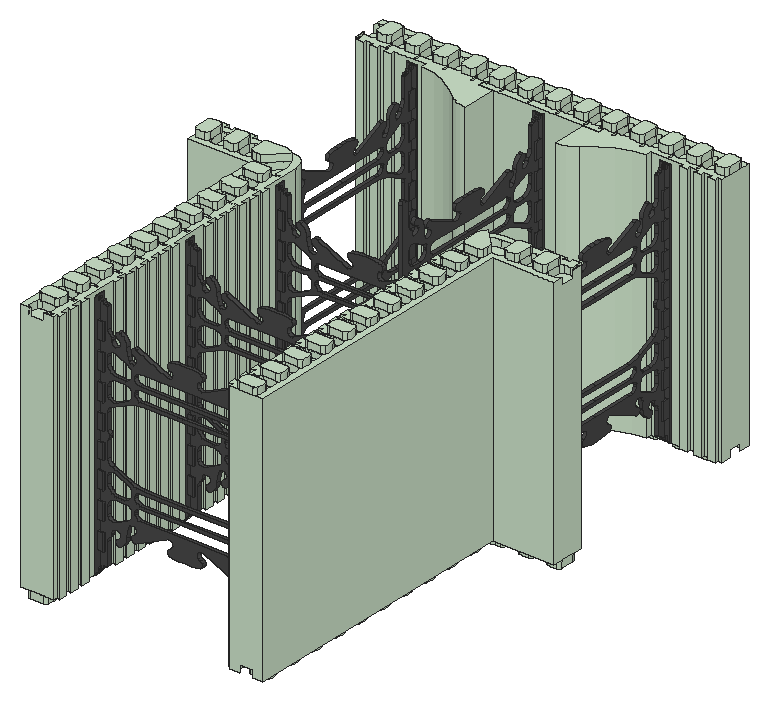
Revit family
Reference planes (in)
  plane 1 "Center (Front/Back)": y = -3
  plane 2: z = 0
  plane 3 "Center (Left/Right)": x = 3
  plane 4: y = 3
  plane 5: y = -9
  plane 6: x = 9
  plane 7: x = -3
  plane 8: z = 18
Forms (in)
  Extrusion 1, solid, material "NUDURA Expanded Polystyrene Foam Insulation"
    sketch origin (0, 0, 0) x (1, 0, 0) y (0, 1, 0)
      loop
        line (-10, 5.625) -> (-10, 3.25) -> (-9.71883, 3.25) -> (-9.78117, 3) -> (-9.21883, 3) -> (-9.28117, 3.25) -> (-8.71883, 3.25) -> (-8.78117, 3) -> (-8.21883, 3) -> (-8.28117, 3.25) -> (-7.71883, 3.25) -> (-7.78117, 3) -> (-7.21883, 3) -> (-7.28117, 3.25) -> (-5, 3.25) -> (-5, 2.875)
        arc (-5, 2.875) -> (-3.12304, 2.37468) -> (-1.50918, 1.29358) r 5.91797
        arc (-1.50918, 1.29358) -> (-0.91296, 0.90605) -> (-0.21883, 0.75162) r 2
        line (-0.21883, 0.75162) -> (-0.21883, 3.25) -> (-1.25, 3.25) -> (-1.25, 3.69867) -> (-1, 3.63633) -> (-1, 4.24332) -> (-1.25, 4.17633) -> (-1.25, 4.69867) -> (-1, 4.63633) -> (-1, 5.24332) -> (-1.25, 5.17633) -> (-1.25, 5.625) -> (-10, 5.625)
      loop
        line (16, 3.25) -> (16, 5.625) -> (7.25, 5.625) -> (7.25, 5.17633) -> (7, 5.24332) -> (7, 4.63633) -> (7.25, 4.69867) -> (7.25, 4.17633) -> (7, 4.24332) -> (7, 3.63633) -> (7.25, 3.69867) -> (7.25, 3.25) -> (6.21883, 3.25) -> (6.21883, 0.75162)
        arc (6.21883, 0.75162) -> (6.91296, 0.90605) -> (7.50918, 1.29358) r 2
        arc (7.50918, 1.29358) -> (9.12304, 2.37468) -> (11, 2.875) r 5.91797
        line (11, 2.875) -> (11, 3.25) -> (13.28117, 3.25) -> (13.21883, 3) -> (13.78117, 3) -> (13.71883, 3.25) -> (14.28117, 3.25) -> (14.21883, 3) -> (14.78117, 3) -> (14.71883, 3.25) -> (15.28117, 3.25) -> (15.21883, 3) -> (15.78117, 3) -> (15.71883, 3.25) -> (16, 3.25)
      loop
        line (-3.25, -31.99998) -> (-3.25, -31.71882) -> (-3, -31.78115) -> (-3, -31.21882) -> (-3.25, -31.28115) -> (-3.25, -30.71882) -> (-3, -30.78115) -> (-3, -30.21882) -> (-3.25, -30.28115) -> (-3.25, -29.71882) -> (-3, -29.78115) -> (-3, -29.21882) -> (-3.25, -29.28115) -> (-3.25, -26.71882) -> (-3, -26.78115) -> (-3, -26.21882) -> (-3.25, -26.28115) -> (-3.25, -25.71882) -> (-3, -25.78115) -> (-3, -25.21882) -> (-3.25, -25.28115) -> (-3.25, -24.71882) -> (-3, -24.78115) -> (-3, -24.21882) -> (-3.25, -24.28115) -> (-3.25, -23.71882) -> (-3, -23.78115) -> (-3, -23.21882) -> (-3.25, -23.28115) -> (-3.25, -22.71882) -> (-3, -22.78115) -> (-3, -22.21882) -> (-3.25, -22.28115) -> (-3.25, -21.71882) -> (-3, -21.78115) -> (-3, -21.21882) -> (-3.25, -21.28115) -> (-3.25, -18.71882) -> (-3, -18.78115) -> (-3, -18.21882) -> (-3.25, -18.28115) -> (-3.25, -17.71882) -> (-3, -17.78115) -> (-3, -17.21882) -> (-3.25, -17.28115) -> (-3.25, -16.71882) -> (-3, -16.78115) -> (-3, -16.21882) -> (-3.25, -16.28115) -> (-3.25, -15.71882) -> (-3, -15.78115) -> (-3, -15.21882) -> (-3.25, -15.28115) -> (-3.25, -14.71882) -> (-3, -14.78115) -> (-3, -14.21882) -> (-3.25, -14.28115) -> (-3.25, -13.71882) -> (-3, -13.78115) -> (-3, -13.21882) -> (-3.25, -13.28115) -> (-3.25, -10.49998)
        arc (-3.25, -10.49998) -> (-3.61612, -9.6161) -> (-4.5, -9.24998) r 1.25
        line (-4.5, -9.24998) -> (-7.28117, -9.24998) -> (-7.21883, -8.99998) -> (-7.78117, -8.99998) -> (-7.71883, -9.24998) -> (-8.28117, -9.24998) -> (-8.21883, -8.99998) -> (-8.78117, -8.99998) -> (-8.71883, -9.24998) -> (-9.28117, -9.24998) -> (-9.21883, -8.99998) -> (-9.78117, -8.99998) -> (-9.71883, -9.24998) -> (-10, -9.24998) -> (-10, -11.62498) -> (-5.625, -11.62498) -> (-5.625, -31.99998) -> (-3.25, -31.99998)
      loop
        line (9.25, -31.99998) -> (11.625, -31.99998) -> (11.625, -11.62498) -> (16, -11.62498) -> (16, -9.24998) -> (15.71883, -9.24998) -> (15.78117, -8.99998) -> (15.21883, -8.99998) -> (15.28117, -9.24998) -> (14.71883, -9.24998) -> (14.78117, -8.99998) -> (14.21883, -8.99998) -> (14.28117, -9.24998) -> (13.71883, -9.24998) -> (13.78117, -8.99998) -> (13.21883, -8.99998) -> (13.28117, -9.24998) -> (10.5, -9.24998)
        arc (10.5, -9.24998) -> (9.61612, -9.6161) -> (9.25, -10.49998) r 1.25
        line (9.25, -10.49998) -> (9.25, -13.28115) -> (9, -13.21882) -> (9, -13.78115) -> (9.25, -13.71882) -> (9.25, -14.28115) -> (9, -14.21882) -> (9, -14.78115) -> (9.25, -14.71882) -> (9.25, -15.28115) -> (9, -15.21882) -> (9, -15.78115) -> (9.25, -15.71882) -> (9.25, -16.28115) -> (9, -16.21882) -> (9, -16.78115) -> (9.25, -16.71882) -> (9.25, -17.28115) -> (9, -17.21882) -> (9, -17.78115) -> (9.25, -17.71882) -> (9.25, -18.28115) -> (9, -18.21882) -> (9, -18.78115) -> (9.25, -18.71882) -> (9.25, -21.28115) -> (9, -21.21882) -> (9, -21.78115) -> (9.25, -21.71882) -> (9.25, -22.28115) -> (9, -22.21882) -> (9, -22.78115) -> (9.25, -22.71882) -> (9.25, -23.28115) -> (9, -23.21882) -> (9, -23.78115) -> (9.25, -23.71882) -> (9.25, -24.28115) -> (9, -24.21882) -> (9, -24.78115) -> (9.25, -24.71882) -> (9.25, -25.28115) -> (9, -25.21882) -> (9, -25.78115) -> (9.25, -25.71882) -> (9.25, -26.28115) -> (9, -26.21882) -> (9, -26.78115) -> (9.25, -26.71882) -> (9.25, -29.28115) -> (9, -29.21882) -> (9, -29.78115) -> (9.25, -29.71882) -> (9.25, -30.28115) -> (9, -30.21882) -> (9, -30.78115) -> (9.25, -30.71882) -> (9.25, -31.28115) -> (9, -31.21882) -> (9, -31.78115) -> (9.25, -31.71882) -> (9.25, -31.99998)
    from 0 to 18
  Extrusion 2, void
    sketch origin (0, -6, 0) x (1, 0, 0) y (0, 1, 0)
      loop
        arc (-5.13595, -25.17306) -> (-5.1875, -25.49998) -> (-5.13595, -25.8269) r 1.0625
        arc (-5.13595, -25.8269) -> (-5.04517, -25.95213) -> (-4.89808, -25.99998) r 0.25
        line (-4.89808, -25.99998) -> (-3.97692, -25.99998)
        arc (-3.97692, -25.99998) -> (-3.88568, -25.98274) -> (-3.80702, -25.93338) r 0.25
        arc (-3.80702, -25.93338) -> (-3.78736, -25.92104) -> (-3.76455, -25.91673) r 0.0625
        line (-3.76455, -25.91673) -> (-3.41845, -25.91673) -> (-3.41845, -25.7459) -> (-3.64005, -25.7459)
        arc (-3.64005, -25.7459) -> (-3.68771, -25.72383) -> (-3.70172, -25.67321) r 0.0625
        arc (-3.70172, -25.67321) -> (-3.69045, -25.4209) -> (-3.73905, -25.17306) r 1.0625
        arc (-3.73905, -25.17306) -> (-3.82983, -25.04783) -> (-3.97692, -24.99998) r 0.25
        line (-3.97692, -24.99998) -> (-4.89808, -24.99998)
        arc (-4.89808, -24.99998) -> (-5.04517, -25.04783) -> (-5.13595, -25.17306) r 0.25
    from 18 to 17.5
  Extrusion 3, void
    sketch origin (0, -4, 0) x (1, 0, 0) y (0, 1, 0)
      loop
        arc (-5.13595, -25.17306) -> (-5.1875, -25.49998) -> (-5.13595, -25.8269) r 1.0625
        arc (-5.13595, -25.8269) -> (-5.04517, -25.95213) -> (-4.89808, -25.99998) r 0.25
        line (-4.89808, -25.99998) -> (-3.97692, -25.99998)
        arc (-3.97692, -25.99998) -> (-3.88568, -25.98274) -> (-3.80702, -25.93338) r 0.25
        arc (-3.80702, -25.93338) -> (-3.78736, -25.92104) -> (-3.76455, -25.91673) r 0.0625
        line (-3.76455, -25.91673) -> (-3.41845, -25.91673) -> (-3.41845, -25.7459) -> (-3.64005, -25.7459)
        arc (-3.64005, -25.7459) -> (-3.68771, -25.72383) -> (-3.70172, -25.67321) r 0.0625
        arc (-3.70172, -25.67321) -> (-3.69045, -25.4209) -> (-3.73905, -25.17306) r 1.0625
        arc (-3.73905, -25.17306) -> (-3.82983, -25.04783) -> (-3.97692, -24.99998) r 0.25
        line (-3.97692, -24.99998) -> (-4.89808, -24.99998)
        arc (-4.89808, -24.99998) -> (-5.04517, -25.04783) -> (-5.13595, -25.17306) r 0.25
    from 18 to 17.5
  Extrusion 4, void
    sketch origin (0, -2, 0) x (1, 0, 0) y (0, 1, 0)
      loop
        arc (-5.13595, -25.17306) -> (-5.1875, -25.49998) -> (-5.13595, -25.8269) r 1.0625
        arc (-5.13595, -25.8269) -> (-5.04517, -25.95213) -> (-4.89808, -25.99998) r 0.25
        line (-4.89808, -25.99998) -> (-3.97692, -25.99998)
        arc (-3.97692, -25.99998) -> (-3.88568, -25.98274) -> (-3.80702, -25.93338) r 0.25
        arc (-3.80702, -25.93338) -> (-3.78736, -25.92104) -> (-3.76455, -25.91673) r 0.0625
        line (-3.76455, -25.91673) -> (-3.41845, -25.91673) -> (-3.41845, -25.7459) -> (-3.64005, -25.7459)
        arc (-3.64005, -25.7459) -> (-3.68771, -25.72383) -> (-3.70172, -25.67321) r 0.0625
        arc (-3.70172, -25.67321) -> (-3.69045, -25.4209) -> (-3.73905, -25.17306) r 1.0625
        arc (-3.73905, -25.17306) -> (-3.82983, -25.04783) -> (-3.97692, -24.99998) r 0.25
        line (-3.97692, -24.99998) -> (-4.89808, -24.99998)
        arc (-4.89808, -24.99998) -> (-5.04517, -25.04783) -> (-5.13595, -25.17306) r 0.25
    from 18 to 17.5
  Extrusion 5, void
    sketch origin (0, 0, 0) x (1, 0, 0) y (0, 1, 0)
      loop
        arc (-5.13595, -25.17306) -> (-5.1875, -25.49998) -> (-5.13595, -25.8269) r 1.0625
        arc (-5.13595, -25.8269) -> (-5.04517, -25.95213) -> (-4.89808, -25.99998) r 0.25
        line (-4.89808, -25.99998) -> (-3.97692, -25.99998)
        arc (-3.97692, -25.99998) -> (-3.88568, -25.98274) -> (-3.80702, -25.93338) r 0.25
        arc (-3.80702, -25.93338) -> (-3.78736, -25.92104) -> (-3.76455, -25.91673) r 0.0625
        line (-3.76455, -25.91673) -> (-3.41845, -25.91673) -> (-3.41845, -25.7459) -> (-3.64005, -25.7459)
        arc (-3.64005, -25.7459) -> (-3.68771, -25.72383) -> (-3.70172, -25.67321) r 0.0625
        arc (-3.70172, -25.67321) -> (-3.69045, -25.4209) -> (-3.73905, -25.17306) r 1.0625
        arc (-3.73905, -25.17306) -> (-3.82983, -25.04783) -> (-3.97692, -24.99998) r 0.25
        line (-3.97692, -24.99998) -> (-4.89808, -24.99998)
        arc (-4.89808, -24.99998) -> (-5.04517, -25.04783) -> (-5.13595, -25.17306) r 0.25
    from 18 to 17.5
  Extrusion 6, void
    sketch origin (0, 2, 0) x (1, 0, 0) y (0, 1, 0)
      loop
        arc (-5.13595, -25.17306) -> (-5.1875, -25.49998) -> (-5.13595, -25.8269) r 1.0625
        arc (-5.13595, -25.8269) -> (-5.04517, -25.95213) -> (-4.89808, -25.99998) r 0.25
        line (-4.89808, -25.99998) -> (-3.97692, -25.99998)
        arc (-3.97692, -25.99998) -> (-3.88568, -25.98274) -> (-3.80702, -25.93338) r 0.25
        arc (-3.80702, -25.93338) -> (-3.78736, -25.92104) -> (-3.76455, -25.91673) r 0.0625
        line (-3.76455, -25.91673) -> (-3.41845, -25.91673) -> (-3.41845, -25.7459) -> (-3.64005, -25.7459)
        arc (-3.64005, -25.7459) -> (-3.68771, -25.72383) -> (-3.70172, -25.67321) r 0.0625
        arc (-3.70172, -25.67321) -> (-3.69045, -25.4209) -> (-3.73905, -25.17306) r 1.0625
        arc (-3.73905, -25.17306) -> (-3.82983, -25.04783) -> (-3.97692, -24.99998) r 0.25
        line (-3.97692, -24.99998) -> (-4.89808, -24.99998)
        arc (-4.89808, -24.99998) -> (-5.04517, -25.04783) -> (-5.13595, -25.17306) r 0.25
    from 18 to 17.5
  Extrusion 7, void
    sketch origin (0, 4, 0) x (1, 0, 0) y (0, 1, 0)
      loop
        arc (-5.13595, -25.17306) -> (-5.1875, -25.49998) -> (-5.13595, -25.8269) r 1.0625
        arc (-5.13595, -25.8269) -> (-5.04517, -25.95213) -> (-4.89808, -25.99998) r 0.25
        line (-4.89808, -25.99998) -> (-3.97692, -25.99998)
        arc (-3.97692, -25.99998) -> (-3.88568, -25.98274) -> (-3.80702, -25.93338) r 0.25
        arc (-3.80702, -25.93338) -> (-3.78736, -25.92104) -> (-3.76455, -25.91673) r 0.0625
        line (-3.76455, -25.91673) -> (-3.41845, -25.91673) -> (-3.41845, -25.7459) -> (-3.64005, -25.7459)
        arc (-3.64005, -25.7459) -> (-3.68771, -25.72383) -> (-3.70172, -25.67321) r 0.0625
        arc (-3.70172, -25.67321) -> (-3.69045, -25.4209) -> (-3.73905, -25.17306) r 1.0625
        arc (-3.73905, -25.17306) -> (-3.82983, -25.04783) -> (-3.97692, -24.99998) r 0.25
        line (-3.97692, -24.99998) -> (-4.89808, -24.99998)
        arc (-4.89808, -24.99998) -> (-5.04517, -25.04783) -> (-5.13595, -25.17306) r 0.25
    from 18 to 17.5
  Extrusion 8, void
    sketch origin (0, 6, 0) x (1, 0, 0) y (0, 1, 0)
      loop
        arc (-5.13595, -25.17306) -> (-5.1875, -25.49998) -> (-5.13595, -25.8269) r 1.0625
        arc (-5.13595, -25.8269) -> (-5.04517, -25.95213) -> (-4.89808, -25.99998) r 0.25
        line (-4.89808, -25.99998) -> (-3.97692, -25.99998)
        arc (-3.97692, -25.99998) -> (-3.88568, -25.98274) -> (-3.80702, -25.93338) r 0.25
        arc (-3.80702, -25.93338) -> (-3.78736, -25.92104) -> (-3.76455, -25.91673) r 0.0625
        line (-3.76455, -25.91673) -> (-3.41845, -25.91673) -> (-3.41845, -25.7459) -> (-3.64005, -25.7459)
        arc (-3.64005, -25.7459) -> (-3.68771, -25.72383) -> (-3.70172, -25.67321) r 0.0625
        arc (-3.70172, -25.67321) -> (-3.69045, -25.4209) -> (-3.73905, -25.17306) r 1.0625
        arc (-3.73905, -25.17306) -> (-3.82983, -25.04783) -> (-3.97692, -24.99998) r 0.25
        line (-3.97692, -24.99998) -> (-4.89808, -24.99998)
        arc (-4.89808, -24.99998) -> (-5.04517, -25.04783) -> (-5.13595, -25.17306) r 0.25
    from 18 to 17.5
  Extrusion 9, void
    sketch origin (0, 8, 0) x (1, 0, 0) y (0, 1, 0)
      loop
        arc (-5.13595, -25.17306) -> (-5.1875, -25.49998) -> (-5.13595, -25.8269) r 1.0625
        arc (-5.13595, -25.8269) -> (-5.04517, -25.95213) -> (-4.89808, -25.99998) r 0.25
        line (-4.89808, -25.99998) -> (-3.97692, -25.99998)
        arc (-3.97692, -25.99998) -> (-3.88568, -25.98274) -> (-3.80702, -25.93338) r 0.25
        arc (-3.80702, -25.93338) -> (-3.78736, -25.92104) -> (-3.76455, -25.91673) r 0.0625
        line (-3.76455, -25.91673) -> (-3.41845, -25.91673) -> (-3.41845, -25.7459) -> (-3.64005, -25.7459)
        arc (-3.64005, -25.7459) -> (-3.68771, -25.72383) -> (-3.70172, -25.67321) r 0.0625
        arc (-3.70172, -25.67321) -> (-3.69045, -25.4209) -> (-3.73905, -25.17306) r 1.0625
        arc (-3.73905, -25.17306) -> (-3.82983, -25.04783) -> (-3.97692, -24.99998) r 0.25
        line (-3.97692, -24.99998) -> (-4.89808, -24.99998)
        arc (-4.89808, -24.99998) -> (-5.04517, -25.04783) -> (-5.13595, -25.17306) r 0.25
    from 18 to 17.5
  Extrusion 10, void
    sketch origin (0, 10, 0) x (1, 0, 0) y (0, 1, 0)
      loop
        arc (-5.13595, -25.17306) -> (-5.1875, -25.49998) -> (-5.13595, -25.8269) r 1.0625
        arc (-5.13595, -25.8269) -> (-5.04517, -25.95213) -> (-4.89808, -25.99998) r 0.25
        line (-4.89808, -25.99998) -> (-3.97692, -25.99998)
        arc (-3.97692, -25.99998) -> (-3.88568, -25.98274) -> (-3.80702, -25.93338) r 0.25
        arc (-3.80702, -25.93338) -> (-3.78736, -25.92104) -> (-3.76455, -25.91673) r 0.0625
        line (-3.76455, -25.91673) -> (-3.41845, -25.91673) -> (-3.41845, -25.7459) -> (-3.64005, -25.7459)
        arc (-3.64005, -25.7459) -> (-3.68771, -25.72383) -> (-3.70172, -25.67321) r 0.0625
        arc (-3.70172, -25.67321) -> (-3.69045, -25.4209) -> (-3.73905, -25.17306) r 1.0625
        arc (-3.73905, -25.17306) -> (-3.82983, -25.04783) -> (-3.97692, -24.99998) r 0.25
        line (-3.97692, -24.99998) -> (-4.89808, -24.99998)
        arc (-4.89808, -24.99998) -> (-5.04517, -25.04783) -> (-5.13595, -25.17306) r 0.25
    from 18 to 17.5
  Extrusion 11, void
    sketch origin (0, 12, 0) x (1, 0, 0) y (0, 1, 0)
      loop
        arc (-5.13595, -25.17306) -> (-5.1875, -25.49998) -> (-5.13595, -25.8269) r 1.0625
        arc (-5.13595, -25.8269) -> (-5.04517, -25.95213) -> (-4.89808, -25.99998) r 0.25
        line (-4.89808, -25.99998) -> (-3.97692, -25.99998)
        arc (-3.97692, -25.99998) -> (-3.88568, -25.98274) -> (-3.80702, -25.93338) r 0.25
        arc (-3.80702, -25.93338) -> (-3.78736, -25.92104) -> (-3.76455, -25.91673) r 0.0625
        line (-3.76455, -25.91673) -> (-3.41845, -25.91673) -> (-3.41845, -25.7459) -> (-3.64005, -25.7459)
        arc (-3.64005, -25.7459) -> (-3.68771, -25.72383) -> (-3.70172, -25.67321) r 0.0625
        arc (-3.70172, -25.67321) -> (-3.69045, -25.4209) -> (-3.73905, -25.17306) r 1.0625
        arc (-3.73905, -25.17306) -> (-3.82983, -25.04783) -> (-3.97692, -24.99998) r 0.25
        line (-3.97692, -24.99998) -> (-4.89808, -24.99998)
        arc (-4.89808, -24.99998) -> (-5.04517, -25.04783) -> (-5.13595, -25.17306) r 0.25
    from 18 to 17.5
  Extrusion 12, void
    sketch origin (0, -6, 0) x (1, 0, 0) y (0, 1, 0)
      loop
        line (-5.1875, -5.18748) -> (-5.1875, -5.49998)
        arc (-5.1875, -5.49998) -> (-5.17453, -5.66546) -> (-5.13595, -5.8269) r 1.0625
        arc (-5.13595, -5.8269) -> (-5.04517, -5.95213) -> (-4.89808, -5.99998) r 0.25
        line (-4.89808, -5.99998) -> (-3.97692, -5.99998)
        arc (-3.97692, -5.99998) -> (-3.88568, -5.98274) -> (-3.80702, -5.93338) r 0.25
        arc (-3.80702, -5.93338) -> (-3.78736, -5.92104) -> (-3.76455, -5.91673) r 0.0625
        line (-3.76455, -5.91673) -> (-3.41845, -5.91673) -> (-3.41845, -5.7459) -> (-3.64005, -5.7459)
        arc (-3.64005, -5.7459) -> (-3.68771, -5.72383) -> (-3.70172, -5.67321) r 0.0625
        arc (-3.70172, -5.67321) -> (-3.69106, -5.58689) -> (-3.6875, -5.49998) r 1.0625
        line (-3.6875, -5.49998) -> (-3.6875, -4.68748)
        arc (-3.6875, -4.68748) -> (-3.76362, -4.3048) -> (-3.98039, -3.98037) r 1
        line (-3.98039, -3.98037) -> (-5.1875, -5.18748)
    from 18 to 17.5
  Extrusion 13, void
    sketch origin (-31.99998, -5.99998, 0) x (0, 1, 0) y (-1, 0, 0)
      loop
        arc (-5.13595, -25.17306) -> (-5.1875, -25.49998) -> (-5.13595, -25.8269) r 1.0625
        arc (-5.13595, -25.8269) -> (-5.04517, -25.95213) -> (-4.89808, -25.99998) r 0.25
        line (-4.89808, -25.99998) -> (-3.97692, -25.99998)
        arc (-3.97692, -25.99998) -> (-3.88568, -25.98274) -> (-3.80702, -25.93338) r 0.25
        arc (-3.80702, -25.93338) -> (-3.78736, -25.92104) -> (-3.76455, -25.91673) r 0.0625
        line (-3.76455, -25.91673) -> (-3.41845, -25.91673) -> (-3.41845, -25.7459) -> (-3.64005, -25.7459)
        arc (-3.64005, -25.7459) -> (-3.68771, -25.72383) -> (-3.70172, -25.67321) r 0.0625
        arc (-3.70172, -25.67321) -> (-3.69045, -25.4209) -> (-3.73905, -25.17306) r 1.0625
        arc (-3.73905, -25.17306) -> (-3.82983, -25.04783) -> (-3.97692, -24.99998) r 0.25
        line (-3.97692, -24.99998) -> (-4.89808, -24.99998)
        arc (-4.89808, -24.99998) -> (-5.04517, -25.04783) -> (-5.13595, -25.17306) r 0.25
    from 18 to 17.5
  Extrusion 14, void
    sketch origin (-33.99998, -5.99998, 0) x (0, 1, 0) y (-1, 0, 0)
      loop
        arc (-5.13595, -25.17306) -> (-5.1875, -25.49998) -> (-5.13595, -25.8269) r 1.0625
        arc (-5.13595, -25.8269) -> (-5.04517, -25.95213) -> (-4.89808, -25.99998) r 0.25
        line (-4.89808, -25.99998) -> (-3.97692, -25.99998)
        arc (-3.97692, -25.99998) -> (-3.88568, -25.98274) -> (-3.80702, -25.93338) r 0.25
        arc (-3.80702, -25.93338) -> (-3.78736, -25.92104) -> (-3.76455, -25.91673) r 0.0625
        line (-3.76455, -25.91673) -> (-3.41845, -25.91673) -> (-3.41845, -25.7459) -> (-3.64005, -25.7459)
        arc (-3.64005, -25.7459) -> (-3.68771, -25.72383) -> (-3.70172, -25.67321) r 0.0625
        arc (-3.70172, -25.67321) -> (-3.69045, -25.4209) -> (-3.73905, -25.17306) r 1.0625
        arc (-3.73905, -25.17306) -> (-3.82983, -25.04783) -> (-3.97692, -24.99998) r 0.25
        line (-3.97692, -24.99998) -> (-4.89808, -24.99998)
        arc (-4.89808, -24.99998) -> (-5.04517, -25.04783) -> (-5.13595, -25.17306) r 0.25
    from 18 to 17.5
  Extrusion 15, void
    sketch origin (0, -55.99996, 0) x (1, 0, 0) y (0, 1, 0)
      loop
        arc (-5.13595, 25.17306) -> (-5.04517, 25.04783) -> (-4.89808, 24.99998) r 0.25
        line (-4.89808, 24.99998) -> (-3.97692, 24.99998)
        arc (-3.97692, 24.99998) -> (-3.82983, 25.04783) -> (-3.73905, 25.17306) r 0.25
        arc (-3.73905, 25.17306) -> (-3.69045, 25.4209) -> (-3.70172, 25.67321) r 1.0625
        arc (-3.70172, 25.67321) -> (-3.68771, 25.72383) -> (-3.64005, 25.7459) r 0.0625
        line (-3.64005, 25.7459) -> (-3.41845, 25.7459) -> (-3.41845, 25.91673) -> (-3.76455, 25.91673)
        arc (-3.76455, 25.91673) -> (-3.78736, 25.92104) -> (-3.80702, 25.93338) r 0.0625
        arc (-3.80702, 25.93338) -> (-3.88568, 25.98274) -> (-3.97692, 25.99998) r 0.25
        line (-3.97692, 25.99998) -> (-4.89808, 25.99998)
        arc (-4.89808, 25.99998) -> (-5.04517, 25.95213) -> (-5.13595, 25.8269) r 0.25
        arc (-5.13595, 25.8269) -> (-5.1875, 25.49998) -> (-5.13595, 25.17306) r 1.0625
    from 0 to 0.5
  Extrusion 16, void
    sketch origin (0, -53.99996, 0) x (1, 0, 0) y (0, 1, 0)
      loop
        arc (-5.13595, 25.17306) -> (-5.04517, 25.04783) -> (-4.89808, 24.99998) r 0.25
        line (-4.89808, 24.99998) -> (-3.97692, 24.99998)
        arc (-3.97692, 24.99998) -> (-3.82983, 25.04783) -> (-3.73905, 25.17306) r 0.25
        arc (-3.73905, 25.17306) -> (-3.69045, 25.4209) -> (-3.70172, 25.67321) r 1.0625
        arc (-3.70172, 25.67321) -> (-3.68771, 25.72383) -> (-3.64005, 25.7459) r 0.0625
        line (-3.64005, 25.7459) -> (-3.41845, 25.7459) -> (-3.41845, 25.91673) -> (-3.76455, 25.91673)
        arc (-3.76455, 25.91673) -> (-3.78736, 25.92104) -> (-3.80702, 25.93338) r 0.0625
        arc (-3.80702, 25.93338) -> (-3.88568, 25.98274) -> (-3.97692, 25.99998) r 0.25
        line (-3.97692, 25.99998) -> (-4.89808, 25.99998)
        arc (-4.89808, 25.99998) -> (-5.04517, 25.95213) -> (-5.13595, 25.8269) r 0.25
        arc (-5.13595, 25.8269) -> (-5.1875, 25.49998) -> (-5.13595, 25.17306) r 1.0625
    from 0 to 0.5
  Extrusion 17, void
    sketch origin (0, -51.99996, 0) x (1, 0, 0) y (0, 1, 0)
      loop
        arc (-5.13595, 25.17306) -> (-5.04517, 25.04783) -> (-4.89808, 24.99998) r 0.25
        line (-4.89808, 24.99998) -> (-3.97692, 24.99998)
        arc (-3.97692, 24.99998) -> (-3.82983, 25.04783) -> (-3.73905, 25.17306) r 0.25
        arc (-3.73905, 25.17306) -> (-3.69045, 25.4209) -> (-3.70172, 25.67321) r 1.0625
        arc (-3.70172, 25.67321) -> (-3.68771, 25.72383) -> (-3.64005, 25.7459) r 0.0625
        line (-3.64005, 25.7459) -> (-3.41845, 25.7459) -> (-3.41845, 25.91673) -> (-3.76455, 25.91673)
        arc (-3.76455, 25.91673) -> (-3.78736, 25.92104) -> (-3.80702, 25.93338) r 0.0625
        arc (-3.80702, 25.93338) -> (-3.88568, 25.98274) -> (-3.97692, 25.99998) r 0.25
        line (-3.97692, 25.99998) -> (-4.89808, 25.99998)
        arc (-4.89808, 25.99998) -> (-5.04517, 25.95213) -> (-5.13595, 25.8269) r 0.25
        arc (-5.13595, 25.8269) -> (-5.1875, 25.49998) -> (-5.13595, 25.17306) r 1.0625
    from 0 to 0.5
  Extrusion 18, void
    sketch origin (0, -49.99996, 0) x (1, 0, 0) y (0, 1, 0)
      loop
        arc (-5.13595, 25.17306) -> (-5.04517, 25.04783) -> (-4.89808, 24.99998) r 0.25
        line (-4.89808, 24.99998) -> (-3.97692, 24.99998)
        arc (-3.97692, 24.99998) -> (-3.82983, 25.04783) -> (-3.73905, 25.17306) r 0.25
        arc (-3.73905, 25.17306) -> (-3.69045, 25.4209) -> (-3.70172, 25.67321) r 1.0625
        arc (-3.70172, 25.67321) -> (-3.68771, 25.72383) -> (-3.64005, 25.7459) r 0.0625
        line (-3.64005, 25.7459) -> (-3.41845, 25.7459) -> (-3.41845, 25.91673) -> (-3.76455, 25.91673)
        arc (-3.76455, 25.91673) -> (-3.78736, 25.92104) -> (-3.80702, 25.93338) r 0.0625
        arc (-3.80702, 25.93338) -> (-3.88568, 25.98274) -> (-3.97692, 25.99998) r 0.25
        line (-3.97692, 25.99998) -> (-4.89808, 25.99998)
        arc (-4.89808, 25.99998) -> (-5.04517, 25.95213) -> (-5.13595, 25.8269) r 0.25
        arc (-5.13595, 25.8269) -> (-5.1875, 25.49998) -> (-5.13595, 25.17306) r 1.0625
    from 0 to 0.5
  Extrusion 19, void
    sketch origin (0, -47.99996, 0) x (1, 0, 0) y (0, 1, 0)
      loop
        arc (-5.13595, 25.17306) -> (-5.04517, 25.04783) -> (-4.89808, 24.99998) r 0.25
        line (-4.89808, 24.99998) -> (-3.97692, 24.99998)
        arc (-3.97692, 24.99998) -> (-3.82983, 25.04783) -> (-3.73905, 25.17306) r 0.25
        arc (-3.73905, 25.17306) -> (-3.69045, 25.4209) -> (-3.70172, 25.67321) r 1.0625
        arc (-3.70172, 25.67321) -> (-3.68771, 25.72383) -> (-3.64005, 25.7459) r 0.0625
        line (-3.64005, 25.7459) -> (-3.41845, 25.7459) -> (-3.41845, 25.91673) -> (-3.76455, 25.91673)
        arc (-3.76455, 25.91673) -> (-3.78736, 25.92104) -> (-3.80702, 25.93338) r 0.0625
        arc (-3.80702, 25.93338) -> (-3.88568, 25.98274) -> (-3.97692, 25.99998) r 0.25
        line (-3.97692, 25.99998) -> (-4.89808, 25.99998)
        arc (-4.89808, 25.99998) -> (-5.04517, 25.95213) -> (-5.13595, 25.8269) r 0.25
        arc (-5.13595, 25.8269) -> (-5.1875, 25.49998) -> (-5.13595, 25.17306) r 1.0625
    from 0 to 0.5
  Extrusion 20, void
    sketch origin (0, -45.99996, 0) x (1, 0, 0) y (0, 1, 0)
      loop
        arc (-5.13595, 25.17306) -> (-5.04517, 25.04783) -> (-4.89808, 24.99998) r 0.25
        line (-4.89808, 24.99998) -> (-3.97692, 24.99998)
        arc (-3.97692, 24.99998) -> (-3.82983, 25.04783) -> (-3.73905, 25.17306) r 0.25
        arc (-3.73905, 25.17306) -> (-3.69045, 25.4209) -> (-3.70172, 25.67321) r 1.0625
        arc (-3.70172, 25.67321) -> (-3.68771, 25.72383) -> (-3.64005, 25.7459) r 0.0625
        line (-3.64005, 25.7459) -> (-3.41845, 25.7459) -> (-3.41845, 25.91673) -> (-3.76455, 25.91673)
        arc (-3.76455, 25.91673) -> (-3.78736, 25.92104) -> (-3.80702, 25.93338) r 0.0625
        arc (-3.80702, 25.93338) -> (-3.88568, 25.98274) -> (-3.97692, 25.99998) r 0.25
        line (-3.97692, 25.99998) -> (-4.89808, 25.99998)
        arc (-4.89808, 25.99998) -> (-5.04517, 25.95213) -> (-5.13595, 25.8269) r 0.25
        arc (-5.13595, 25.8269) -> (-5.1875, 25.49998) -> (-5.13595, 25.17306) r 1.0625
    from 0 to 0.5
  Extrusion 21, void
    sketch origin (0, -43.99996, 0) x (1, 0, 0) y (0, 1, 0)
      loop
        arc (-5.13595, 25.17306) -> (-5.04517, 25.04783) -> (-4.89808, 24.99998) r 0.25
        line (-4.89808, 24.99998) -> (-3.97692, 24.99998)
        arc (-3.97692, 24.99998) -> (-3.82983, 25.04783) -> (-3.73905, 25.17306) r 0.25
        arc (-3.73905, 25.17306) -> (-3.69045, 25.4209) -> (-3.70172, 25.67321) r 1.0625
        arc (-3.70172, 25.67321) -> (-3.68771, 25.72383) -> (-3.64005, 25.7459) r 0.0625
        line (-3.64005, 25.7459) -> (-3.41845, 25.7459) -> (-3.41845, 25.91673) -> (-3.76455, 25.91673)
        arc (-3.76455, 25.91673) -> (-3.78736, 25.92104) -> (-3.80702, 25.93338) r 0.0625
        arc (-3.80702, 25.93338) -> (-3.88568, 25.98274) -> (-3.97692, 25.99998) r 0.25
        line (-3.97692, 25.99998) -> (-4.89808, 25.99998)
        arc (-4.89808, 25.99998) -> (-5.04517, 25.95213) -> (-5.13595, 25.8269) r 0.25
        arc (-5.13595, 25.8269) -> (-5.1875, 25.49998) -> (-5.13595, 25.17306) r 1.0625
    from 0 to 0.5
  Extrusion 22, void
    sketch origin (0, -41.99996, 0) x (1, 0, 0) y (0, 1, 0)
      loop
        arc (-5.13595, 25.17306) -> (-5.04517, 25.04783) -> (-4.89808, 24.99998) r 0.25
        line (-4.89808, 24.99998) -> (-3.97692, 24.99998)
        arc (-3.97692, 24.99998) -> (-3.82983, 25.04783) -> (-3.73905, 25.17306) r 0.25
        arc (-3.73905, 25.17306) -> (-3.69045, 25.4209) -> (-3.70172, 25.67321) r 1.0625
        arc (-3.70172, 25.67321) -> (-3.68771, 25.72383) -> (-3.64005, 25.7459) r 0.0625
        line (-3.64005, 25.7459) -> (-3.41845, 25.7459) -> (-3.41845, 25.91673) -> (-3.76455, 25.91673)
        arc (-3.76455, 25.91673) -> (-3.78736, 25.92104) -> (-3.80702, 25.93338) r 0.0625
        arc (-3.80702, 25.93338) -> (-3.88568, 25.98274) -> (-3.97692, 25.99998) r 0.25
        line (-3.97692, 25.99998) -> (-4.89808, 25.99998)
        arc (-4.89808, 25.99998) -> (-5.04517, 25.95213) -> (-5.13595, 25.8269) r 0.25
        arc (-5.13595, 25.8269) -> (-5.1875, 25.49998) -> (-5.13595, 25.17306) r 1.0625
    from 0 to 0.5
  Extrusion 23, void
    sketch origin (0, -39.99996, 0) x (1, 0, 0) y (0, 1, 0)
      loop
        arc (-5.13595, 25.17306) -> (-5.04517, 25.04783) -> (-4.89808, 24.99998) r 0.25
        line (-4.89808, 24.99998) -> (-3.97692, 24.99998)
        arc (-3.97692, 24.99998) -> (-3.82983, 25.04783) -> (-3.73905, 25.17306) r 0.25
        arc (-3.73905, 25.17306) -> (-3.69045, 25.4209) -> (-3.70172, 25.67321) r 1.0625
        arc (-3.70172, 25.67321) -> (-3.68771, 25.72383) -> (-3.64005, 25.7459) r 0.0625
        line (-3.64005, 25.7459) -> (-3.41845, 25.7459) -> (-3.41845, 25.91673) -> (-3.76455, 25.91673)
        arc (-3.76455, 25.91673) -> (-3.78736, 25.92104) -> (-3.80702, 25.93338) r 0.0625
        arc (-3.80702, 25.93338) -> (-3.88568, 25.98274) -> (-3.97692, 25.99998) r 0.25
        line (-3.97692, 25.99998) -> (-4.89808, 25.99998)
        arc (-4.89808, 25.99998) -> (-5.04517, 25.95213) -> (-5.13595, 25.8269) r 0.25
        arc (-5.13595, 25.8269) -> (-5.1875, 25.49998) -> (-5.13595, 25.17306) r 1.0625
    from 0 to 0.5
  Extrusion 24, void
    sketch origin (0, -37.99996, 0) x (1, 0, 0) y (0, 1, 0)
      loop
        arc (-5.13595, 25.17306) -> (-5.04517, 25.04783) -> (-4.89808, 24.99998) r 0.25
        line (-4.89808, 24.99998) -> (-3.97692, 24.99998)
        arc (-3.97692, 24.99998) -> (-3.82983, 25.04783) -> (-3.73905, 25.17306) r 0.25
        arc (-3.73905, 25.17306) -> (-3.69045, 25.4209) -> (-3.70172, 25.67321) r 1.0625
        arc (-3.70172, 25.67321) -> (-3.68771, 25.72383) -> (-3.64005, 25.7459) r 0.0625
        line (-3.64005, 25.7459) -> (-3.41845, 25.7459) -> (-3.41845, 25.91673) -> (-3.76455, 25.91673)
        arc (-3.76455, 25.91673) -> (-3.78736, 25.92104) -> (-3.80702, 25.93338) r 0.0625
        arc (-3.80702, 25.93338) -> (-3.88568, 25.98274) -> (-3.97692, 25.99998) r 0.25
        line (-3.97692, 25.99998) -> (-4.89808, 25.99998)
        arc (-4.89808, 25.99998) -> (-5.04517, 25.95213) -> (-5.13595, 25.8269) r 0.25
        arc (-5.13595, 25.8269) -> (-5.1875, 25.49998) -> (-5.13595, 25.17306) r 1.0625
    from 0 to 0.5
  Extrusion 25, void
    sketch origin (-0.00002, -5.99998, 0) x (0, 1, 0) y (-1, 0, 0)
      loop
        line (-5.1875, 5.18748) -> (-3.98039, 3.98037)
        arc (-3.98039, 3.98037) -> (-3.76362, 4.3048) -> (-3.6875, 4.68748) r 1
        line (-3.6875, 4.68748) -> (-3.6875, 5.49998)
        arc (-3.6875, 5.49998) -> (-3.69106, 5.58689) -> (-3.70172, 5.67321) r 1.0625
        arc (-3.70172, 5.67321) -> (-3.68771, 5.72383) -> (-3.64005, 5.7459) r 0.0625
        line (-3.64005, 5.7459) -> (-3.41845, 5.7459) -> (-3.41845, 5.91673) -> (-3.76455, 5.91673)
        arc (-3.76455, 5.91673) -> (-3.78736, 5.92104) -> (-3.80702, 5.93338) r 0.0625
        arc (-3.80702, 5.93338) -> (-3.88568, 5.98274) -> (-3.97692, 5.99998) r 0.25
        line (-3.97692, 5.99998) -> (-4.89808, 5.99998)
        arc (-4.89808, 5.99998) -> (-5.04517, 5.95213) -> (-5.13595, 5.8269) r 0.25
        arc (-5.13595, 5.8269) -> (-5.17453, 5.66546) -> (-5.1875, 5.49998) r 1.0625
        line (-5.1875, 5.49998) -> (-5.1875, 5.18748)
    from 0 to 0.5
  Extrusion 26, void
    sketch origin (17.99998, -5.99998, 0) x (0, 1, 0) y (-1, 0, 0)
      loop
        arc (-5.13595, 25.17306) -> (-5.04517, 25.04783) -> (-4.89808, 24.99998) r 0.25
        line (-4.89808, 24.99998) -> (-3.97692, 24.99998)
        arc (-3.97692, 24.99998) -> (-3.82983, 25.04783) -> (-3.73905, 25.17306) r 0.25
        arc (-3.73905, 25.17306) -> (-3.69045, 25.4209) -> (-3.70172, 25.67321) r 1.0625
        arc (-3.70172, 25.67321) -> (-3.68771, 25.72383) -> (-3.64005, 25.7459) r 0.0625
        line (-3.64005, 25.7459) -> (-3.41845, 25.7459) -> (-3.41845, 25.91673) -> (-3.76455, 25.91673)
        arc (-3.76455, 25.91673) -> (-3.78736, 25.92104) -> (-3.80702, 25.93338) r 0.0625
        arc (-3.80702, 25.93338) -> (-3.88568, 25.98274) -> (-3.97692, 25.99998) r 0.25
        line (-3.97692, 25.99998) -> (-4.89808, 25.99998)
        arc (-4.89808, 25.99998) -> (-5.04517, 25.95213) -> (-5.13595, 25.8269) r 0.25
        arc (-5.13595, 25.8269) -> (-5.1875, 25.49998) -> (-5.13595, 25.17306) r 1.0625
    from 0 to 0.5
  Extrusion 27, void
    sketch origin (15.99998, -5.99998, 0) x (0, 1, 0) y (-1, 0, 0)
      loop
        arc (-5.13595, 25.17306) -> (-5.04517, 25.04783) -> (-4.89808, 24.99998) r 0.25
        line (-4.89808, 24.99998) -> (-3.97692, 24.99998)
        arc (-3.97692, 24.99998) -> (-3.82983, 25.04783) -> (-3.73905, 25.17306) r 0.25
        arc (-3.73905, 25.17306) -> (-3.69045, 25.4209) -> (-3.70172, 25.67321) r 1.0625
        arc (-3.70172, 25.67321) -> (-3.68771, 25.72383) -> (-3.64005, 25.7459) r 0.0625
        line (-3.64005, 25.7459) -> (-3.41845, 25.7459) -> (-3.41845, 25.91673) -> (-3.76455, 25.91673)
        arc (-3.76455, 25.91673) -> (-3.78736, 25.92104) -> (-3.80702, 25.93338) r 0.0625
        arc (-3.80702, 25.93338) -> (-3.88568, 25.98274) -> (-3.97692, 25.99998) r 0.25
        line (-3.97692, 25.99998) -> (-4.89808, 25.99998)
        arc (-4.89808, 25.99998) -> (-5.04517, 25.95213) -> (-5.13595, 25.8269) r 0.25
        arc (-5.13595, 25.8269) -> (-5.1875, 25.49998) -> (-5.13595, 25.17306) r 1.0625
    from 0 to 0.5
  Extrusion 28, void
    sketch origin (6, -55.99996, 0) x (-1, 0, 0) y (0, -1, 0)
      loop
        arc (-5.13595, -25.17306) -> (-5.1875, -25.49998) -> (-5.13595, -25.8269) r 1.0625
        arc (-5.13595, -25.8269) -> (-5.04517, -25.95213) -> (-4.89808, -25.99998) r 0.25
        line (-4.89808, -25.99998) -> (-3.97692, -25.99998)
        arc (-3.97692, -25.99998) -> (-3.88568, -25.98274) -> (-3.80702, -25.93338) r 0.25
        arc (-3.80702, -25.93338) -> (-3.78736, -25.92104) -> (-3.76455, -25.91673) r 0.0625
        line (-3.76455, -25.91673) -> (-3.41845, -25.91673) -> (-3.41845, -25.7459) -> (-3.64005, -25.7459)
        arc (-3.64005, -25.7459) -> (-3.68771, -25.72383) -> (-3.70172, -25.67321) r 0.0625
        arc (-3.70172, -25.67321) -> (-3.69045, -25.4209) -> (-3.73905, -25.17306) r 1.0625
        arc (-3.73905, -25.17306) -> (-3.82983, -25.04783) -> (-3.97692, -24.99998) r 0.25
        line (-3.97692, -24.99998) -> (-4.89808, -24.99998)
        arc (-4.89808, -24.99998) -> (-5.04517, -25.04783) -> (-5.13595, -25.17306) r 0.25
    from 18 to 17.5
  Extrusion 29, void
    sketch origin (6, -53.99996, 0) x (-1, 0, 0) y (0, -1, 0)
      loop
        arc (-5.13595, -25.17306) -> (-5.1875, -25.49998) -> (-5.13595, -25.8269) r 1.0625
        arc (-5.13595, -25.8269) -> (-5.04517, -25.95213) -> (-4.89808, -25.99998) r 0.25
        line (-4.89808, -25.99998) -> (-3.97692, -25.99998)
        arc (-3.97692, -25.99998) -> (-3.88568, -25.98274) -> (-3.80702, -25.93338) r 0.25
        arc (-3.80702, -25.93338) -> (-3.78736, -25.92104) -> (-3.76455, -25.91673) r 0.0625
        line (-3.76455, -25.91673) -> (-3.41845, -25.91673) -> (-3.41845, -25.7459) -> (-3.64005, -25.7459)
        arc (-3.64005, -25.7459) -> (-3.68771, -25.72383) -> (-3.70172, -25.67321) r 0.0625
        arc (-3.70172, -25.67321) -> (-3.69045, -25.4209) -> (-3.73905, -25.17306) r 1.0625
        arc (-3.73905, -25.17306) -> (-3.82983, -25.04783) -> (-3.97692, -24.99998) r 0.25
        line (-3.97692, -24.99998) -> (-4.89808, -24.99998)
        arc (-4.89808, -24.99998) -> (-5.04517, -25.04783) -> (-5.13595, -25.17306) r 0.25
    from 18 to 17.5
  Extrusion 30, void
    sketch origin (6, -51.99996, 0) x (-1, 0, 0) y (0, -1, 0)
      loop
        arc (-5.13595, -25.17306) -> (-5.1875, -25.49998) -> (-5.13595, -25.8269) r 1.0625
        arc (-5.13595, -25.8269) -> (-5.04517, -25.95213) -> (-4.89808, -25.99998) r 0.25
        line (-4.89808, -25.99998) -> (-3.97692, -25.99998)
        arc (-3.97692, -25.99998) -> (-3.88568, -25.98274) -> (-3.80702, -25.93338) r 0.25
        arc (-3.80702, -25.93338) -> (-3.78736, -25.92104) -> (-3.76455, -25.91673) r 0.0625
        line (-3.76455, -25.91673) -> (-3.41845, -25.91673) -> (-3.41845, -25.7459) -> (-3.64005, -25.7459)
        arc (-3.64005, -25.7459) -> (-3.68771, -25.72383) -> (-3.70172, -25.67321) r 0.0625
        arc (-3.70172, -25.67321) -> (-3.69045, -25.4209) -> (-3.73905, -25.17306) r 1.0625
        arc (-3.73905, -25.17306) -> (-3.82983, -25.04783) -> (-3.97692, -24.99998) r 0.25
        line (-3.97692, -24.99998) -> (-4.89808, -24.99998)
        arc (-4.89808, -24.99998) -> (-5.04517, -25.04783) -> (-5.13595, -25.17306) r 0.25
    from 18 to 17.5
  Extrusion 31, void
    sketch origin (6, -49.99996, 0) x (-1, 0, 0) y (0, -1, 0)
      loop
        arc (-5.13595, -25.17306) -> (-5.1875, -25.49998) -> (-5.13595, -25.8269) r 1.0625
        arc (-5.13595, -25.8269) -> (-5.04517, -25.95213) -> (-4.89808, -25.99998) r 0.25
        line (-4.89808, -25.99998) -> (-3.97692, -25.99998)
        arc (-3.97692, -25.99998) -> (-3.88568, -25.98274) -> (-3.80702, -25.93338) r 0.25
        arc (-3.80702, -25.93338) -> (-3.78736, -25.92104) -> (-3.76455, -25.91673) r 0.0625
        line (-3.76455, -25.91673) -> (-3.41845, -25.91673) -> (-3.41845, -25.7459) -> (-3.64005, -25.7459)
        arc (-3.64005, -25.7459) -> (-3.68771, -25.72383) -> (-3.70172, -25.67321) r 0.0625
        arc (-3.70172, -25.67321) -> (-3.69045, -25.4209) -> (-3.73905, -25.17306) r 1.0625
        arc (-3.73905, -25.17306) -> (-3.82983, -25.04783) -> (-3.97692, -24.99998) r 0.25
        line (-3.97692, -24.99998) -> (-4.89808, -24.99998)
        arc (-4.89808, -24.99998) -> (-5.04517, -25.04783) -> (-5.13595, -25.17306) r 0.25
    from 18 to 17.5
  Extrusion 32, void
    sketch origin (6, -47.99996, 0) x (-1, 0, 0) y (0, -1, 0)
      loop
        arc (-5.13595, -25.17306) -> (-5.1875, -25.49998) -> (-5.13595, -25.8269) r 1.0625
        arc (-5.13595, -25.8269) -> (-5.04517, -25.95213) -> (-4.89808, -25.99998) r 0.25
        line (-4.89808, -25.99998) -> (-3.97692, -25.99998)
        arc (-3.97692, -25.99998) -> (-3.88568, -25.98274) -> (-3.80702, -25.93338) r 0.25
        arc (-3.80702, -25.93338) -> (-3.78736, -25.92104) -> (-3.76455, -25.91673) r 0.0625
        line (-3.76455, -25.91673) -> (-3.41845, -25.91673) -> (-3.41845, -25.7459) -> (-3.64005, -25.7459)
        arc (-3.64005, -25.7459) -> (-3.68771, -25.72383) -> (-3.70172, -25.67321) r 0.0625
        arc (-3.70172, -25.67321) -> (-3.69045, -25.4209) -> (-3.73905, -25.17306) r 1.0625
        arc (-3.73905, -25.17306) -> (-3.82983, -25.04783) -> (-3.97692, -24.99998) r 0.25
        line (-3.97692, -24.99998) -> (-4.89808, -24.99998)
        arc (-4.89808, -24.99998) -> (-5.04517, -25.04783) -> (-5.13595, -25.17306) r 0.25
    from 18 to 17.5
  Extrusion 33, void
    sketch origin (6, -45.99996, 0) x (-1, 0, 0) y (0, -1, 0)
      loop
        arc (-5.13595, -25.17306) -> (-5.1875, -25.49998) -> (-5.13595, -25.8269) r 1.0625
        arc (-5.13595, -25.8269) -> (-5.04517, -25.95213) -> (-4.89808, -25.99998) r 0.25
        line (-4.89808, -25.99998) -> (-3.97692, -25.99998)
        arc (-3.97692, -25.99998) -> (-3.88568, -25.98274) -> (-3.80702, -25.93338) r 0.25
        arc (-3.80702, -25.93338) -> (-3.78736, -25.92104) -> (-3.76455, -25.91673) r 0.0625
        line (-3.76455, -25.91673) -> (-3.41845, -25.91673) -> (-3.41845, -25.7459) -> (-3.64005, -25.7459)
        arc (-3.64005, -25.7459) -> (-3.68771, -25.72383) -> (-3.70172, -25.67321) r 0.0625
        arc (-3.70172, -25.67321) -> (-3.69045, -25.4209) -> (-3.73905, -25.17306) r 1.0625
        arc (-3.73905, -25.17306) -> (-3.82983, -25.04783) -> (-3.97692, -24.99998) r 0.25
        line (-3.97692, -24.99998) -> (-4.89808, -24.99998)
        arc (-4.89808, -24.99998) -> (-5.04517, -25.04783) -> (-5.13595, -25.17306) r 0.25
    from 18 to 17.5
  Extrusion 34, void
    sketch origin (6, -43.99996, 0) x (-1, 0, 0) y (0, -1, 0)
      loop
        arc (-5.13595, -25.17306) -> (-5.1875, -25.49998) -> (-5.13595, -25.8269) r 1.0625
        arc (-5.13595, -25.8269) -> (-5.04517, -25.95213) -> (-4.89808, -25.99998) r 0.25
        line (-4.89808, -25.99998) -> (-3.97692, -25.99998)
        arc (-3.97692, -25.99998) -> (-3.88568, -25.98274) -> (-3.80702, -25.93338) r 0.25
        arc (-3.80702, -25.93338) -> (-3.78736, -25.92104) -> (-3.76455, -25.91673) r 0.0625
        line (-3.76455, -25.91673) -> (-3.41845, -25.91673) -> (-3.41845, -25.7459) -> (-3.64005, -25.7459)
        arc (-3.64005, -25.7459) -> (-3.68771, -25.72383) -> (-3.70172, -25.67321) r 0.0625
        arc (-3.70172, -25.67321) -> (-3.69045, -25.4209) -> (-3.73905, -25.17306) r 1.0625
        arc (-3.73905, -25.17306) -> (-3.82983, -25.04783) -> (-3.97692, -24.99998) r 0.25
        line (-3.97692, -24.99998) -> (-4.89808, -24.99998)
        arc (-4.89808, -24.99998) -> (-5.04517, -25.04783) -> (-5.13595, -25.17306) r 0.25
    from 18 to 17.5
  Extrusion 35, void
    sketch origin (6, -41.99996, 0) x (-1, 0, 0) y (0, -1, 0)
      loop
        arc (-5.13595, -25.17306) -> (-5.1875, -25.49998) -> (-5.13595, -25.8269) r 1.0625
        arc (-5.13595, -25.8269) -> (-5.04517, -25.95213) -> (-4.89808, -25.99998) r 0.25
        line (-4.89808, -25.99998) -> (-3.97692, -25.99998)
        arc (-3.97692, -25.99998) -> (-3.88568, -25.98274) -> (-3.80702, -25.93338) r 0.25
        arc (-3.80702, -25.93338) -> (-3.78736, -25.92104) -> (-3.76455, -25.91673) r 0.0625
        line (-3.76455, -25.91673) -> (-3.41845, -25.91673) -> (-3.41845, -25.7459) -> (-3.64005, -25.7459)
        arc (-3.64005, -25.7459) -> (-3.68771, -25.72383) -> (-3.70172, -25.67321) r 0.0625
        arc (-3.70172, -25.67321) -> (-3.69045, -25.4209) -> (-3.73905, -25.17306) r 1.0625
        arc (-3.73905, -25.17306) -> (-3.82983, -25.04783) -> (-3.97692, -24.99998) r 0.25
        line (-3.97692, -24.99998) -> (-4.89808, -24.99998)
        arc (-4.89808, -24.99998) -> (-5.04517, -25.04783) -> (-5.13595, -25.17306) r 0.25
    from 18 to 17.5
  Extrusion 36, void
    sketch origin (6, -39.99996, 0) x (-1, 0, 0) y (0, -1, 0)
      loop
        arc (-5.13595, -25.17306) -> (-5.1875, -25.49998) -> (-5.13595, -25.8269) r 1.0625
        arc (-5.13595, -25.8269) -> (-5.04517, -25.95213) -> (-4.89808, -25.99998) r 0.25
        line (-4.89808, -25.99998) -> (-3.97692, -25.99998)
        arc (-3.97692, -25.99998) -> (-3.88568, -25.98274) -> (-3.80702, -25.93338) r 0.25
        arc (-3.80702, -25.93338) -> (-3.78736, -25.92104) -> (-3.76455, -25.91673) r 0.0625
        line (-3.76455, -25.91673) -> (-3.41845, -25.91673) -> (-3.41845, -25.7459) -> (-3.64005, -25.7459)
        arc (-3.64005, -25.7459) -> (-3.68771, -25.72383) -> (-3.70172, -25.67321) r 0.0625
        arc (-3.70172, -25.67321) -> (-3.69045, -25.4209) -> (-3.73905, -25.17306) r 1.0625
        arc (-3.73905, -25.17306) -> (-3.82983, -25.04783) -> (-3.97692, -24.99998) r 0.25
        line (-3.97692, -24.99998) -> (-4.89808, -24.99998)
        arc (-4.89808, -24.99998) -> (-5.04517, -25.04783) -> (-5.13595, -25.17306) r 0.25
    from 18 to 17.5
  Extrusion 37, void
    sketch origin (6, -37.99996, 0) x (-1, 0, 0) y (0, -1, 0)
      loop
        arc (-5.13595, -25.17306) -> (-5.1875, -25.49998) -> (-5.13595, -25.8269) r 1.0625
        arc (-5.13595, -25.8269) -> (-5.04517, -25.95213) -> (-4.89808, -25.99998) r 0.25
        line (-4.89808, -25.99998) -> (-3.97692, -25.99998)
        arc (-3.97692, -25.99998) -> (-3.88568, -25.98274) -> (-3.80702, -25.93338) r 0.25
        arc (-3.80702, -25.93338) -> (-3.78736, -25.92104) -> (-3.76455, -25.91673) r 0.0625
        line (-3.76455, -25.91673) -> (-3.41845, -25.91673) -> (-3.41845, -25.7459) -> (-3.64005, -25.7459)
        arc (-3.64005, -25.7459) -> (-3.68771, -25.72383) -> (-3.70172, -25.67321) r 0.0625
        arc (-3.70172, -25.67321) -> (-3.69045, -25.4209) -> (-3.73905, -25.17306) r 1.0625
        arc (-3.73905, -25.17306) -> (-3.82983, -25.04783) -> (-3.97692, -24.99998) r 0.25
        line (-3.97692, -24.99998) -> (-4.89808, -24.99998)
        arc (-4.89808, -24.99998) -> (-5.04517, -25.04783) -> (-5.13595, -25.17306) r 0.25
    from 18 to 17.5
  Extrusion 38, void
    sketch origin (-11.99998, -5.99998, 0) x (0, 1, 0) y (-1, 0, 0)
      loop
        arc (-5.13595, -25.17306) -> (-5.1875, -25.49998) -> (-5.13595, -25.8269) r 1.0625
        arc (-5.13595, -25.8269) -> (-5.04517, -25.95213) -> (-4.89808, -25.99998) r 0.25
        line (-4.89808, -25.99998) -> (-3.97692, -25.99998)
        arc (-3.97692, -25.99998) -> (-3.88568, -25.98274) -> (-3.80702, -25.93338) r 0.25
        arc (-3.80702, -25.93338) -> (-3.78736, -25.92104) -> (-3.76455, -25.91673) r 0.0625
        line (-3.76455, -25.91673) -> (-3.41845, -25.91673) -> (-3.41845, -25.7459) -> (-3.64005, -25.7459)
        arc (-3.64005, -25.7459) -> (-3.68771, -25.72383) -> (-3.70172, -25.67321) r 0.0625
        arc (-3.70172, -25.67321) -> (-3.69045, -25.4209) -> (-3.73905, -25.17306) r 1.0625
        arc (-3.73905, -25.17306) -> (-3.82983, -25.04783) -> (-3.97692, -24.99998) r 0.25
        line (-3.97692, -24.99998) -> (-4.89808, -24.99998)
        arc (-4.89808, -24.99998) -> (-5.04517, -25.04783) -> (-5.13595, -25.17306) r 0.25
    from 18 to 17.5
  Extrusion 39, void
    sketch origin (-9.99998, -5.99998, 0) x (0, 1, 0) y (-1, 0, 0)
      loop
        arc (-5.13595, -25.17306) -> (-5.1875, -25.49998) -> (-5.13595, -25.8269) r 1.0625
        arc (-5.13595, -25.8269) -> (-5.04517, -25.95213) -> (-4.89808, -25.99998) r 0.25
        line (-4.89808, -25.99998) -> (-3.97692, -25.99998)
        arc (-3.97692, -25.99998) -> (-3.88568, -25.98274) -> (-3.80702, -25.93338) r 0.25
        arc (-3.80702, -25.93338) -> (-3.78736, -25.92104) -> (-3.76455, -25.91673) r 0.0625
        line (-3.76455, -25.91673) -> (-3.41845, -25.91673) -> (-3.41845, -25.7459) -> (-3.64005, -25.7459)
        arc (-3.64005, -25.7459) -> (-3.68771, -25.72383) -> (-3.70172, -25.67321) r 0.0625
        arc (-3.70172, -25.67321) -> (-3.69045, -25.4209) -> (-3.73905, -25.17306) r 1.0625
        arc (-3.73905, -25.17306) -> (-3.82983, -25.04783) -> (-3.97692, -24.99998) r 0.25
        line (-3.97692, -24.99998) -> (-4.89808, -24.99998)
        arc (-4.89808, -24.99998) -> (-5.04517, -25.04783) -> (-5.13595, -25.17306) r 0.25
    from 18 to 17.5
  Extrusion 40, void
    sketch origin (6, -6, 0) x (1, 0, 0) y (0, 1, 0)
      loop
        arc (5.67323, -3.7017) -> (5.58691, -3.69104) -> (5.5, -3.68748) r 1.0625
        line (5.5, -3.68748) -> (4.6875, -3.68748)
        arc (4.6875, -3.68748) -> (4.30482, -3.7636) -> (3.98039, -3.98037) r 1
        line (3.98039, -3.98037) -> (5.1875, -5.18748) -> (5.5, -5.18748)
        arc (5.5, -5.18748) -> (5.66548, -5.17452) -> (5.82692, -5.13593) r 1.0625
        arc (5.82692, -5.13593) -> (5.95215, -5.04515) -> (6, -4.89806) r 0.25
        line (6, -4.89806) -> (6, -3.9769)
        arc (6, -3.9769) -> (5.98276, -3.88566) -> (5.9334, -3.807) r 0.25
        arc (5.9334, -3.807) -> (5.92106, -3.78734) -> (5.91675, -3.76453) r 0.0625
        line (5.91675, -3.76453) -> (5.91675, -3.41844) -> (5.74592, -3.41844) -> (5.74592, -3.64003)
        arc (5.74592, -3.64003) -> (5.72385, -3.68769) -> (5.67323, -3.7017) r 0.0625
    from 18 to 17.5
  Extrusion 41, void
    sketch origin (6, -6, 0) x (-1, 0, 0) y (0, -1, 0)
      loop
        arc (-5.13595, 25.17306) -> (-5.04517, 25.04783) -> (-4.89808, 24.99998) r 0.25
        line (-4.89808, 24.99998) -> (-3.97692, 24.99998)
        arc (-3.97692, 24.99998) -> (-3.82983, 25.04783) -> (-3.73905, 25.17306) r 0.25
        arc (-3.73905, 25.17306) -> (-3.69045, 25.4209) -> (-3.70172, 25.67321) r 1.0625
        arc (-3.70172, 25.67321) -> (-3.68771, 25.72383) -> (-3.64005, 25.7459) r 0.0625
        line (-3.64005, 25.7459) -> (-3.41845, 25.7459) -> (-3.41845, 25.91673) -> (-3.76455, 25.91673)
        arc (-3.76455, 25.91673) -> (-3.78736, 25.92104) -> (-3.80702, 25.93338) r 0.0625
        arc (-3.80702, 25.93338) -> (-3.88568, 25.98274) -> (-3.97692, 25.99998) r 0.25
        line (-3.97692, 25.99998) -> (-4.89808, 25.99998)
        arc (-4.89808, 25.99998) -> (-5.04517, 25.95213) -> (-5.13595, 25.8269) r 0.25
        arc (-5.13595, 25.8269) -> (-5.1875, 25.49998) -> (-5.13595, 25.17306) r 1.0625
    from 0 to 0.5
  Extrusion 42, void
    sketch origin (6, -4, 0) x (-1, 0, 0) y (0, -1, 0)
      loop
        arc (-5.13595, 25.17306) -> (-5.04517, 25.04783) -> (-4.89808, 24.99998) r 0.25
        line (-4.89808, 24.99998) -> (-3.97692, 24.99998)
        arc (-3.97692, 24.99998) -> (-3.82983, 25.04783) -> (-3.73905, 25.17306) r 0.25
        arc (-3.73905, 25.17306) -> (-3.69045, 25.4209) -> (-3.70172, 25.67321) r 1.0625
        arc (-3.70172, 25.67321) -> (-3.68771, 25.72383) -> (-3.64005, 25.7459) r 0.0625
        line (-3.64005, 25.7459) -> (-3.41845, 25.7459) -> (-3.41845, 25.91673) -> (-3.76455, 25.91673)
        arc (-3.76455, 25.91673) -> (-3.78736, 25.92104) -> (-3.80702, 25.93338) r 0.0625
        arc (-3.80702, 25.93338) -> (-3.88568, 25.98274) -> (-3.97692, 25.99998) r 0.25
        line (-3.97692, 25.99998) -> (-4.89808, 25.99998)
        arc (-4.89808, 25.99998) -> (-5.04517, 25.95213) -> (-5.13595, 25.8269) r 0.25
        arc (-5.13595, 25.8269) -> (-5.1875, 25.49998) -> (-5.13595, 25.17306) r 1.0625
    from 0 to 0.5
  Extrusion 43, void
    sketch origin (6, -2, 0) x (-1, 0, 0) y (0, -1, 0)
      loop
        arc (-5.13595, 25.17306) -> (-5.04517, 25.04783) -> (-4.89808, 24.99998) r 0.25
        line (-4.89808, 24.99998) -> (-3.97692, 24.99998)
        arc (-3.97692, 24.99998) -> (-3.82983, 25.04783) -> (-3.73905, 25.17306) r 0.25
        arc (-3.73905, 25.17306) -> (-3.69045, 25.4209) -> (-3.70172, 25.67321) r 1.0625
        arc (-3.70172, 25.67321) -> (-3.68771, 25.72383) -> (-3.64005, 25.7459) r 0.0625
        line (-3.64005, 25.7459) -> (-3.41845, 25.7459) -> (-3.41845, 25.91673) -> (-3.76455, 25.91673)
        arc (-3.76455, 25.91673) -> (-3.78736, 25.92104) -> (-3.80702, 25.93338) r 0.0625
        arc (-3.80702, 25.93338) -> (-3.88568, 25.98274) -> (-3.97692, 25.99998) r 0.25
        line (-3.97692, 25.99998) -> (-4.89808, 25.99998)
        arc (-4.89808, 25.99998) -> (-5.04517, 25.95213) -> (-5.13595, 25.8269) r 0.25
        arc (-5.13595, 25.8269) -> (-5.1875, 25.49998) -> (-5.13595, 25.17306) r 1.0625
    from 0 to 0.5
  Extrusion 44, void
    sketch origin (6, 0, 0) x (-1, 0, 0) y (0, -1, 0)
      loop
        arc (-5.13595, 25.17306) -> (-5.04517, 25.04783) -> (-4.89808, 24.99998) r 0.25
        line (-4.89808, 24.99998) -> (-3.97692, 24.99998)
        arc (-3.97692, 24.99998) -> (-3.82983, 25.04783) -> (-3.73905, 25.17306) r 0.25
        arc (-3.73905, 25.17306) -> (-3.69045, 25.4209) -> (-3.70172, 25.67321) r 1.0625
        arc (-3.70172, 25.67321) -> (-3.68771, 25.72383) -> (-3.64005, 25.7459) r 0.0625
        line (-3.64005, 25.7459) -> (-3.41845, 25.7459) -> (-3.41845, 25.91673) -> (-3.76455, 25.91673)
        arc (-3.76455, 25.91673) -> (-3.78736, 25.92104) -> (-3.80702, 25.93338) r 0.0625
        arc (-3.80702, 25.93338) -> (-3.88568, 25.98274) -> (-3.97692, 25.99998) r 0.25
        line (-3.97692, 25.99998) -> (-4.89808, 25.99998)
        arc (-4.89808, 25.99998) -> (-5.04517, 25.95213) -> (-5.13595, 25.8269) r 0.25
        arc (-5.13595, 25.8269) -> (-5.1875, 25.49998) -> (-5.13595, 25.17306) r 1.0625
    from 0 to 0.5
  Extrusion 45, void
    sketch origin (6, 2, 0) x (-1, 0, 0) y (0, -1, 0)
      loop
        arc (-5.13595, 25.17306) -> (-5.04517, 25.04783) -> (-4.89808, 24.99998) r 0.25
        line (-4.89808, 24.99998) -> (-3.97692, 24.99998)
        arc (-3.97692, 24.99998) -> (-3.82983, 25.04783) -> (-3.73905, 25.17306) r 0.25
        arc (-3.73905, 25.17306) -> (-3.69045, 25.4209) -> (-3.70172, 25.67321) r 1.0625
        arc (-3.70172, 25.67321) -> (-3.68771, 25.72383) -> (-3.64005, 25.7459) r 0.0625
        line (-3.64005, 25.7459) -> (-3.41845, 25.7459) -> (-3.41845, 25.91673) -> (-3.76455, 25.91673)
        arc (-3.76455, 25.91673) -> (-3.78736, 25.92104) -> (-3.80702, 25.93338) r 0.0625
        arc (-3.80702, 25.93338) -> (-3.88568, 25.98274) -> (-3.97692, 25.99998) r 0.25
        line (-3.97692, 25.99998) -> (-4.89808, 25.99998)
        arc (-4.89808, 25.99998) -> (-5.04517, 25.95213) -> (-5.13595, 25.8269) r 0.25
        arc (-5.13595, 25.8269) -> (-5.1875, 25.49998) -> (-5.13595, 25.17306) r 1.0625
    from 0 to 0.5
  Extrusion 46, void
    sketch origin (6, 4, 0) x (-1, 0, 0) y (0, -1, 0)
      loop
        arc (-5.13595, 25.17306) -> (-5.04517, 25.04783) -> (-4.89808, 24.99998) r 0.25
        line (-4.89808, 24.99998) -> (-3.97692, 24.99998)
        arc (-3.97692, 24.99998) -> (-3.82983, 25.04783) -> (-3.73905, 25.17306) r 0.25
        arc (-3.73905, 25.17306) -> (-3.69045, 25.4209) -> (-3.70172, 25.67321) r 1.0625
        arc (-3.70172, 25.67321) -> (-3.68771, 25.72383) -> (-3.64005, 25.7459) r 0.0625
        line (-3.64005, 25.7459) -> (-3.41845, 25.7459) -> (-3.41845, 25.91673) -> (-3.76455, 25.91673)
        arc (-3.76455, 25.91673) -> (-3.78736, 25.92104) -> (-3.80702, 25.93338) r 0.0625
        arc (-3.80702, 25.93338) -> (-3.88568, 25.98274) -> (-3.97692, 25.99998) r 0.25
        line (-3.97692, 25.99998) -> (-4.89808, 25.99998)
        arc (-4.89808, 25.99998) -> (-5.04517, 25.95213) -> (-5.13595, 25.8269) r 0.25
